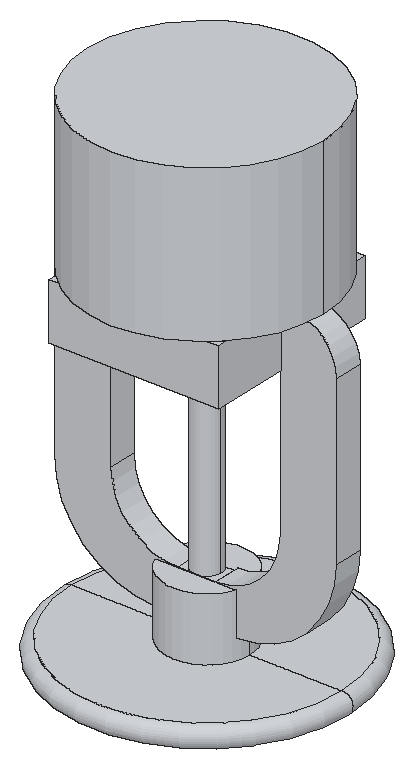
Revit family
Parameters (values of type "RASCO F1FR PENDENT")
  Temperature Rating = 286 °F
  Response = 1
  RASCO SIN # = "R3612"
  RASCO Part # = "F1FRP3LB"
  Pressure Rating = "175 PSI"
  Pressure Class = (empty or 0)
  Orifice Size = 17/32"
  Orifice = (empty or 0)
  Model = "F1FR"
  Manufacturer = "RASCO"
  K-Factor = 8
  Description = "Bronze Finish"
  Coverage = (empty or 0)
Reference planes (in)
  plane 1 "Center (Front/Back)": y = 0
  plane 2: z = 0
  plane 3 "Center (Left/Right)": x = 0
Dimensions and locks (in)
  aligned and locked: plane 2 to level
Nested families (in)
  nested 1: "F1FRP3LB" at (-0.01148, 0, 2.4375) x (-1, 0, 0) z (0, 0, -1), type "RASCO F1FR PENDENT"
Connectors (in)
  piping at (-0.01148, 0, 2.4375)
    settings: on nested 1, index 1, connector radius 1/2", flow factor 0, pipe flow 0 GPM, pressure drop 0.00 psi, fitting loss kfactor 0, connector angle 0.00°, fixture units 0, flow configuration 0, flow direction 0, fitting loss method 0, system type 7, connector reference index -1, connector utility 0, adjustable connector no, is connector primary yes, fitting loss table "", connector description ""
Definition of nested family "F1FRP3LB"
  Parameters (values of type "RASCO F1FR PENDENT")
    Type Comments = ""
    Temperature Rating = 0 °F
    Response = (empty or 0)
    Pressure Rating = "0"
    Pressure Class = (empty or 0)
    Orifice Size = 0"
    Orifice = (empty or 0)
    Model = ""
    Manufacturer = ""
    K-Factor = 0
    Description = ""
    Coverage = (empty or 0)
    Assembly Code = ""
  Reference planes (in)
    plane 1 "Center (Front/Back)": y = 0
    plane 2: z = 0
    plane 3 "ref.2": z = 0.6875
    plane 4 "ref.3": z = 0.9375
    plane 5: x = -0.38065
    plane 6: x = 0.36935
    plane 7 "ref. side 1": y = 0.06402
    plane 8 "ref. side 2": y = -0.06098
    plane 9 "ref.4": z = 1.875
    plane 10 "ref.5": z = 2.3125
    plane 11 "ref.6": z = 2.4375
  Forms (in)
    Extrusion 1, solid
      sketch origin (0, 0, 0) x (1, 0, 0) y (0, 1, 0)
        loop
          circle (0, 0) r 0.5221
      from 0 to 0.6875
    Extrusion 2, solid
      sketch origin (-0.12185, 0.05177, 0.6875) x (1, 0, 0) y (0, 1, 0)
        loop
          line (-0.2588, 0.356) -> (-0.2588, -0.4565) -> (0.4912, -0.4565) -> (0.4912, 0.356) -> (-0.2588, 0.356)
      from 0 to 0.25
    Extrusion 3, solid
      sketch origin (0, 0, 0) x (1, 0, 0) y (0, 0, 1)
        loop
          line (-0.38065, 0.69674) -> (-0.38065, 1.58397)
          arc (-0.38065, 1.58397) -> (-0.29541, 1.78976) -> (-0.08962, 1.875) r 0.29103
          line (-0.08962, 1.875) -> (0.07524, 1.875)
          arc (0.07524, 1.875) -> (0.28321, 1.78886) -> (0.36935, 1.58089) r 0.29411
          line (0.36935, 1.58089) -> (0.36935, 0.69728)
          arc (0.36935, 0.69728) -> (0.54046, 0.72329) -> (0.61935, 0.87734) r 0.18984
          line (0.61935, 0.87734) -> (0.61935, 1.61676)
          arc (0.61935, 1.61676) -> (0.48879, 1.93194) -> (0.17361, 2.0625) r 0.44574
          line (0.17361, 2.0625) -> (-0.18509, 2.0625)
          arc (-0.18509, 2.0625) -> (-0.50015, 1.932) -> (-0.63065, 1.61694) r 0.44556
          line (-0.63065, 1.61694) -> (-0.63065, 0.87876)
          arc (-0.63065, 0.87876) -> (-0.55196, 0.72414) -> (-0.38065, 0.69674) r 0.19126
      from -0.06402 to 0.06098
    Extrusion 4, solid
      sketch origin (0, 0, 0.9375) x (-1, 0, 0) y (0, -1, 0)
        loop
          circle (0.00574, -0.00152) r 0.0625
      from 0 to 0.9375
    Extrusion 5, solid
      sketch origin (0, 0, 1.875) x (-1, 0, 0) y (0, -1, 0)
        loop
          circle (0.00574, -0.00152) r 0.1875
      from 0 to 0.4375
    Revolve 6, solid
      sketch origin (0, 0, -0.2777) x (1, 0, 0) y (0, 0, 1)
        loop
          line (-0.19324, 2.43242) -> (-0.19324, 2.52696) -> (-0.60463, 2.52696)
          arc (-0.60463, 2.52696) -> (-0.6519, 2.47969) -> (-0.60463, 2.43242) r 0.04727
          line (-0.60463, 2.43242) -> (-0.19324, 2.43242)
        axis (-0.00574, 2.43242) -> (-0.00574, 2.52696)
      angle from 0 to 360
  Cuts and joins
    joined: Extrusion 1, Extrusion 2, Extrusion 4, Revolve 6
  Lines and regions (in)
    model lines
      curve 1: line (-0.00574, 0.06402, 1.875) -> (-0.00574, -0.06098, 1.875)
